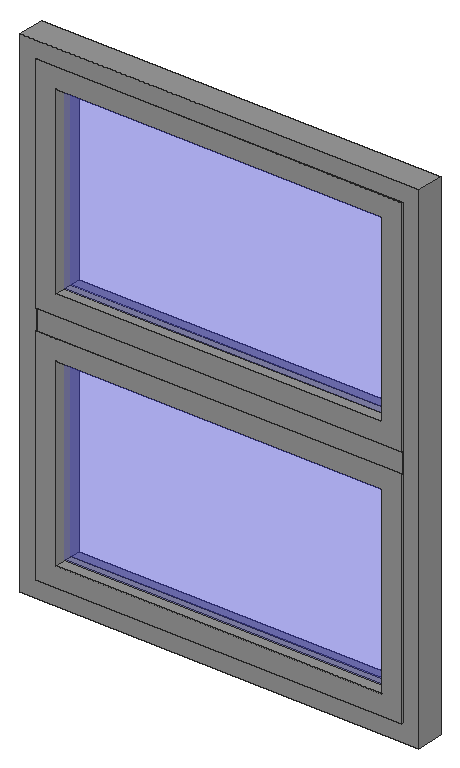
Revit family "Family17", category Windows, host Wall, Revit 2018
Family settings
  Host = Wall
  OmniClass Number = 23.30.20.00
  OmniClass Title = Windows
  Always vertical = Yes
  Cut with Voids When Loaded = No
  Shared = No
  Room Calculation Point = No
Parameters
  Window Thickness = 84 mm
  Window = White
  Visual Light Transmittance = 0.81
  URL = "www.skywardwindows.co.za"
  Thermal Resistance (R) = 0.3196 (m²·K)/W
  Telephone = "021 276 1800"
  Solar Heat Gain Coefficient = 0.76
  Manufacturer = "Skyward Windows"
  Keynote = ""
  Height = 1490 mm
  Heat Transfer Coefficient (U) = 3.1292 W/(m²·K)
  Glass = Glass
  Email Address = "info@skywardwindows.co.za"
  Default Sill Height = 800 mm
  Wall Closure = By host
  Width = 1190 mm
  Company Address = "Charles Matthews Street Atlantis 7349"
  Analytic Construction = "Double glazing - domestic"
Reference planes
  plane 1 "Center (Front/Back)": y = 0
  plane 2 "Center (Left/Right)": x = 0
  plane 3 "Left": x = -595
  plane 4 "Right": x = 595
  plane 5 "Sill": z = 800
  plane 6 "Head": z = 2290
  plane 7 "Exterior": y = 100
  plane 8 "Interior": y = -100
Forms (mm)
  Extrusion 1, solid, material "White" <- "Window"
    sketch origin (0, -100, 0) x (1, 0, 0) y (0, 0, 1)
      loop
        line (-595, 2290) -> (-595, 800) -> (595, 800) -> (595, 2290) -> (-595, 2290)
      loop
        line (-545, 850) -> (545, 850) -> (545, 2240) -> (-545, 2240) -> (-545, 850)
    from -140 to -60
  Extrusion 2, solid, material "White" <- "Window"
    sketch origin (0, -100, 0) x (1, 0, 0) y (0, 0, 1)
      loop
        line (-486, 909) -> (486, 909) -> (486, 1456) -> (-486, 1456) -> (-486, 909)
      loop
        line (-545, 1515) -> (-545, 850) -> (545, 850) -> (545, 1515) -> (-545, 1515)
      loop
        line (-545, 2240) -> (-545, 1575) -> (545, 1575) -> (545, 2240) -> (-545, 2240)
      loop
        line (-486, 1634) -> (486, 1634) -> (486, 2181) -> (-486, 2181) -> (-486, 1634)
    from -142 to -58
  Extrusion 3, solid, material "White" <- "Window"
    sketch origin (0, -100, 30) x (1, 0, 0) y (0, 0, 1)
      loop
        line (-545, 1545) -> (-545, 1485) -> (545, 1485) -> (545, 1545) -> (-545, 1545)
    from -140 to -60
  Extrusion 4, solid, material "Glass" <- "Glass"
    sketch origin (0, 0, 0) x (1, 0, 0) y (0, 1, 0)
      loop
        line (-486, -10) -> (-486, -14) -> (486, -14) -> (486, -10) -> (-486, -10)
      loop
        line (-486, 14) -> (-486, 10) -> (486, 10) -> (486, 14) -> (-486, 14)
    from 909 to 1486
  Extrusion 5, solid, material "Glass" <- "Glass"
    sketch origin (0, 0, 575) x (1, 0, 0) y (0, 1, 0)
      loop
        line (-486, -10) -> (-486, -14) -> (486, -14) -> (486, -10) -> (-486, -10)
      loop
        line (-486, 14) -> (-486, 10) -> (486, 10) -> (486, 14) -> (-486, 14)
    from 1059 to 1606
Lines and regions (mm)
  Opening 1
    outline origin (3500, -100, 0) x (1, 0, 0) y (0, 0, 1)
      loop
        line (-2905, 800) -> (-2905, 2290) -> (-4095, 2290) -> (-4095, 800) -> (-2905, 800)
  model lines
    curve 1: line (0, 0, 0) -> (0, 10, 0)
    curve 2: line (0, 10, 0) -> (0, -10, 0)
    curve 3: line (-595, -100, 3035) -> (595, -100, 3035)
Text (mm)
  text "EXTERIOR" at (-1963.203, 1332.353, 0), in view "Ref. Level"
  text "INTERIOR" at (-1981.466, -818.386, 0), in view "Ref. Level"
  text "Exterior" at (0, 923.751, 2943.296), in view "Right"
  text "Exterior" at (0, 1040.484, 2685.409), in view "Left"
Dimensions and locks
  equal spacing: plane 3 "Left", plane 2 "Center (Left/Right)", plane 4 "Right"
  "Width": plane 3 "Left" to plane 4 "Right"
  "Height": plane 5 "Sill" to plane 6 "Head"
  "Default Sill Height": plane 5 "Sill" to level
  locked: plane 7 "Exterior" to host wall at 0
  locked: plane 8 "Interior" to host wall
  "Window Thickness": Extrusion 2 to Extrusion 2
  aligned and locked: Extrusion 1 sketch curve to host wall  (x4)
Automatic sketch dimensions
  plane 3 "Left" to Opening 1 sketch curve = 0 mm
  plane 4 "Right" to Opening 1 sketch curve = 0 mm
  Opening 1 sketch curve to plane 5 "Sill" = 0 mm
  Opening 1 sketch curve to plane 6 "Head" = 0 mm
  Extrusion 1 sketch curve to plane 3 "Left" = 50 mm
  plane 4 "Right" to Extrusion 1 sketch curve = 50 mm
  Extrusion 1 sketch curve to plane 5 "Sill" = 50 mm
  plane 6 "Head" to Extrusion 1 sketch curve = 50 mm
  Extrusion 2 sketch curve to plane 3 "Left" = 50 mm  (x2)
  Extrusion 2 sketch curve to Extrusion 2 sketch curve = 59 mm  (x5)
  plane 4 "Right" to Extrusion 2 sketch curve = 109 mm  (x2)
  plane 4 "Right" to Extrusion 2 sketch curve = 50 mm  (x2)
  Extrusion 2 sketch curve to plane 5 "Sill" = 50 mm
  Extrusion 2 sketch curve to Extrusion 2 sketch curve = 547 mm
  Extrusion 2 sketch curve to Extrusion 2 sketch curve = 60 mm
  plane 6 "Head" to Extrusion 2 sketch curve = 109 mm
  plane 6 "Head" to Extrusion 2 sketch curve = 50 mm
  Extrusion 3 sketch curve to plane 3 "Left" = 50 mm
  plane 4 "Right" to Extrusion 3 sketch curve = 50 mm
  Extrusion 3 sketch curve to plane 5 "Sill" = 715 mm
  Extrusion 3 sketch curve to Extrusion 3 sketch curve = 60 mm
  curve 1 to plane 2 "Center (Left/Right)" = 0 mm
  host wall to curve 1 = 0 mm
  curve 2 to host wall = 10 mm
  host wall to curve 2 = 10 mm
  host wall to Extrusion 4 sketch curve = 10 mm
  Extrusion 4 sketch curve to plane 3 "Left" = 109 mm
  Extrusion 4 sketch curve to Extrusion 4 sketch curve = 0 mm  (x2)
  host wall to Extrusion 4 sketch curve = 14 mm
  plane 4 "Right" to Extrusion 4 sketch curve = 109 mm
  Extrusion 4 sketch curve to host wall = 10 mm
  Extrusion 4 sketch curve to Extrusion 4 sketch curve = 4 mm
  host wall to Extrusion 5 sketch curve = 10 mm
  Extrusion 5 sketch curve to plane 3 "Left" = 109 mm
  Extrusion 5 sketch curve to Extrusion 5 sketch curve = 0 mm  (x2)
  host wall to Extrusion 5 sketch curve = 14 mm
  plane 4 "Right" to Extrusion 5 sketch curve = 109 mm
  Extrusion 5 sketch curve to host wall = 10 mm
  Extrusion 5 sketch curve to Extrusion 5 sketch curve = 4 mm
  plane 3 "Left" to curve 3 = 0 mm
  plane 4 "Right" to curve 3 = 0 mm
  curve 3 to plane 6 "Head" = 745 mm
